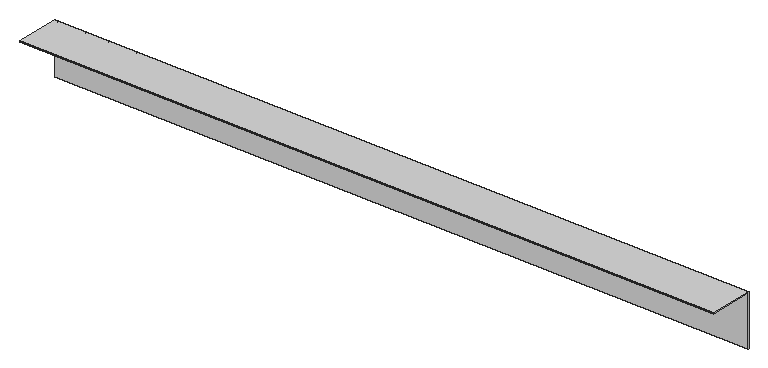
Revit family "551999b2680f4989bfe3f4eb4c14bf18", category Structural Framing, Revit 2021
Family settings
  Structural Framing Length Roundoff = 0' - 0"
  Section Shape = Not Defined
  Material for Model Behavior = Steel
  Always export as geometry = No
  OmniClass Number = 23.25.30.11.14.14
  OmniClass Title = Beams
  Seek Item ID = Light Gauge-Angles-0000-USA-ENU
  Always vertical = Yes
  Cut with Voids When Loaded = No
  Symbolic Representation = From Project Settings
  Shared = No
  Show family pre-cut in plan views = Yes
Parameters (values of type "L3 X 3.5")
  t = 16
  t1 = if((t / 0.95 * 0' 1" / 1000) < 0' 0 1/32", 0' 0 1/32", (t / 0.95 * 0' 1" / 1000))  # 0' - 0 1/32"
  W = 0
  Structural Material [instance] = Metal - Light Gauge
  Start Extension Calculation [instance] = 10' 0 1/2" + Start Extension  # 10' - 0"
  Start Extension [instance] = -0' - 0 1/2"
  L2 = 0' - 3 1/2"
  L1 = 0' - 3"
  End Extension Calculation [instance] = 10' 0 1/2" + End Extension  # 10' - 0"
  End Extension [instance] = -0' - 0 1/2"
  Assembly Code = "B10"
  Length [instance] = 5' - 0"
  A = 0.00 in²
Reference planes (in)
  plane 1 "Center (Front/Back)": y = 0
  plane 2: z = 0
  plane 3 "Center (Left/Right)": x = 0.0003
  plane 4 "Member Left": x = -23.8185
  plane 5 "Member Right": x = 24.1815
  plane 6: z = -3.5
  plane 7 "Left": x = -29.8185
  plane 8 "Right": x = 30.1815
  plane 9: y = -3
Forms (in)
  Sweep 1, solid, material "Metal - Light Gauge" <- "Structural Material", detail levels medium+fine
    path origin (0, 0, 0) x (1, 0, 0) y (0, 1, 0)
      loop
        line (24.1815, 0) -> (-23.8185, 0)
    profile origin (0.1815, 0, 0) x (0, -1, 0) y (0, 0, 1)
      loop
        line (0, 0) -> (0, -3.5) -> (0.03125, -3.5) -> (0.03125, -0.03125) -> (3, -0.03125) -> (3, 0) -> (0, 0)
Lines and regions (in)
  symbolic lines, style "Hidden Faces", detail levels medium+fine
    curve 1: line (-23.8185, -0.0625, 0) -> (24.1815, -0.0625, 0)
    curve 2: line (-23.8185, 0.1875, -0.03125) -> (24.1815, 0.1875, -0.03125)
  symbolic lines, style "Stick Symbols", detail levels coarse
    curve 3: line (-29.8185, -3, 0) -> (-29.8185, 0, 0)
    curve 4: line (-29.8185, 0, 0) -> (-29.8185, 0, -3.5)
Dimensions and locks (in)
  "Length": plane 7 "Left" to plane 8 "Right"
  "L1": plane 1 "Center (Front/Back)" to plane 9
  "L2": plane 6 to level
  locked: curve 1 to plane 1 "Center (Front/Back)" at 0.0625
  "t1": Sweep 1 sketch curve to Sweep 1 sketch curve  (x2)
  aligned and locked: Sweep 1 sketch curve to plane 1 "Center (Front/Back)"  (x2)
  aligned and locked: Sweep 1 to plane 1 "Center (Front/Back)"
  aligned and locked: curve 3 to Sweep 1
  aligned and locked: plane 6 to Sweep 1 sketch curve
  aligned and locked: level to Sweep 1 sketch curve
  aligned and locked: plane 9 to Sweep 1 sketch curve  (x2)
  aligned and locked: profile plane to plane 1 "Center (Front/Back)"
  aligned and locked: Sweep 1 to curve 2
  aligned and locked: plane 4 "Member Left" to Sweep 1 sketch curve
  aligned and locked: plane 5 "Member Right" to Sweep 1 sketch curve
  aligned and locked: plane 4 "Member Left" to curve 1
  aligned and locked: plane 5 "Member Right" to curve 1
  aligned and locked: plane 4 "Member Left" to curve 2
  aligned and locked: plane 5 "Member Right" to curve 2
Automatic sketch dimensions
  curve 3 to plane 1 "Center (Front/Back)" = 0' - 0"
  curve 3 to plane 9 = 0' - 0"
  curve 4 to plane 6 = 0' - 0"
